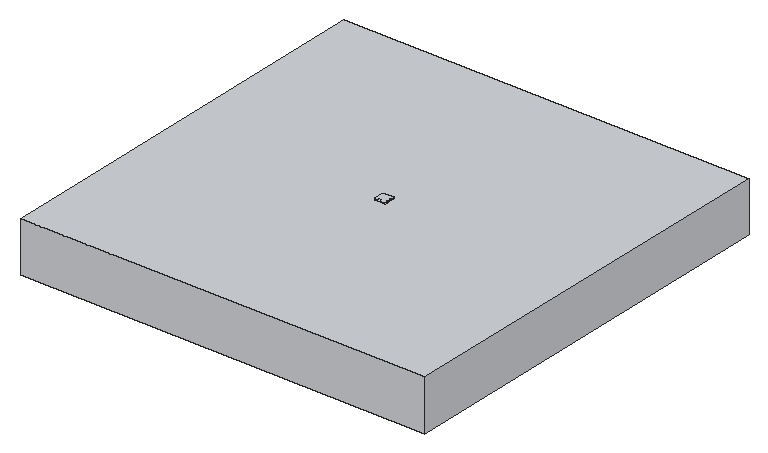
Revit family "Gira_057000", category Allgemeines Modell, Revit 2017
Family settings
  Basisbauteil = Fläche
  Kann Basisbauteil für Bewehrung sein = Nein
  Bemaßung runder Anschluss = Durchmesser verwenden
  Teiletyp = Normal
  Beim Laden mit Abzugskörper schneiden = Nein
  Gemeinsam genutzt = Nein
  Raumberechnungspunkt = Nein
Parameters (values of type "Busankoppler KNX Einsatz")
  Default Elevation = 1219.2 mm
  URL = "https://www.gira.de/"
  Typname = "Busankoppler KNX Einsatz"
  Type Comments = ""
  Produktseite = "https://media.stage.bim.site/t/eyJhbGciOiJIUzI1NiIsInR5cCI6IkpXVCJ9.eyJjdCI6MiwidHUiOiJodHRwOi8va2F0YWxvZy5naXJhLmRlL2RlX0RFL2RhdGVuYmxhdHQuaHRtbD9hcnRpa2VsbnI9MDU3MDAwIiwiY2lkIjoiMzI3N2NjMjMtODFhOS00ZWUzLWE5MGEtYjQ3YmI0YzBiNjE2IiwicmlkIjoiMTI1ZWUwODY5YzA0YzkxMTk2NjdkNzFmZTkyYWNjMWEiLCJwaWQiOiJiYzNlNTQ0NThjN2E5MDQ2MWE2OGM4ZjAwZmFkNjBlZDA4NTg0NDQ5Iiwic2lkIjoiNjM0NzAiLCJ1dCI6MSwibGMiOiJkZSIsImlhdCI6MTYwMDk0MDYxNSwiaXNzIjoiaHR0cHM6Ly9hcGkubGl2ZS5iaW0uc2l0ZSIsInN1YiI6ImFkbWluQGJpbXNpdGUuZGV2In0.90lxgOjy-OP4mv4Qn64rg0ZEbAZEOpGCSdgqV1IBQf0"
  Montageart = "Unterputz"
  Model = ""
  Cost = 0
  Hersteller = "Gira"
  HeinzeBIM = "https://www.heinze.de/bim/busankoppler-knx-einsatz/bc3e54458c7a90461a68c8f00fad60ed08584449"
  HAN = "057000"
  GTIN = "4010337570004"
  Datenblatt 1 = "https://media.stage.bim.site/t/eyJhbGciOiJIUzI1NiIsInR5cCI6IkpXVCJ9.eyJjdCI6MSwidGYiOiJwdWJsaWMvZ2lyYS9hZThjNTU3LzA1NzAwMC50eHQiLCJjaWQiOiIzMjc3Y2MyMy04MWE5LTRlZTMtYTkwYS1iNDdiYjRjMGI2MTYiLCJyaWQiOiIxMjVlZTA4NjljMDRjOTExOTY2N2Q3MWZlOTJhY2MxYSIsInBpZCI6ImJjM2U1NDQ1OGM3YTkwNDYxYTY4YzhmMDBmYWQ2MGVkMDg1ODQ0NDkiLCJzaWQiOiI2MzQ3MCIsInV0IjoxLCJsYyI6ImRlIiwiaWF0IjoxNjAwOTQwNjE1LCJpc3MiOiJodHRwczovL2FwaS5saXZlLmJpbS5zaXRlIiwic3ViIjoiYWRtaW5AYmltc2l0ZS5kZXYifQ.Zr5ihL-JuerA63giLX1-DZfbLXheqsqpfbxRJRiV2lw/057000.txt"
  Datenblatt = "https://media.stage.bim.site/t/eyJhbGciOiJIUzI1NiIsInR5cCI6IkpXVCJ9.eyJjdCI6MSwidHUiOiJodHRwczovL2thdGFsb2cuZ2lyYS5kZS9kZV9ERS9kb3dubG9hZC5odG1sP2FydGlrZWxucj0wNTcwMDAiLCJjaWQiOiIzMjc3Y2MyMy04MWE5LTRlZTMtYTkwYS1iNDdiYjRjMGI2MTYiLCJyaWQiOiIxMjVlZTA4NjljMDRjOTExOTY2N2Q3MWZlOTJhY2MxYSIsInBpZCI6ImJjM2U1NDQ1OGM3YTkwNDYxYTY4YzhmMDBmYWQ2MGVkMDg1ODQ0NDkiLCJzaWQiOiI2MzQ3MCIsInV0IjoxLCJsYyI6ImRlIiwiaWF0IjoxNjAwOTQwNjE1LCJpc3MiOiJodHRwczovL2FwaS5saXZlLmJpbS5zaXRlIiwic3ViIjoiYWRtaW5AYmltc2l0ZS5kZXYifQ.HKo0EGbTJE6szelQb0oTkBGyZGgA3K2x5XMumOuo0yk"
  Bussystem Powernet = no
  Bussystem LON = no
  Bussystem KNX-Funk = no
  Bussystem KNX = yes
  Bussystem Funkbus = no
  Beschreibung = "Einsatz KNX Busankoppler   Merkmale:  Der Busankoppler ist die Schnittstelle zwischen dem Bus und dem KNX Anwendungsmodul wie z. B. Info-Display, Datenschnittstelle RS232, Automatikschalter.  Die Busankopplung kann Telegramme empfangen, aussenden und auswerten.  Die Busankopplung enthält die Adressen, das Systemprogramm und auch anwenderspezifische Programme.  Freigabe der Programmierung der physikalischen Adresse durch Betätigen der Programmiertaste.  Zustandsanzeige durch rote Programmier-LED.  Hinweise :  Nur für Gerätedose mit Schraubbefestigung geeignet."
  Befestigungsart = "Krallen-/Schraubbefestigung"
  Assembly Code = ""
  Keynote = ""
  BIMSITE_PRODUCT_ID = "bc3e54458c7a90461a68c8f00fad60ed08584449"
  BIM = "https://media.stage.bim.site/t/eyJhbGciOiJIUzI1NiIsInR5cCI6IkpXVCJ9.eyJjdCI6MSwidGYiOiJwdWJsaWMvZ2lyYS9hZThjNTU3L0VpbnNhdHpfMWZhY2gucmZhIiwiY2lkIjoiMzI3N2NjMjMtODFhOS00ZWUzLWE5MGEtYjQ3YmI0YzBiNjE2IiwicmlkIjoiMTI1ZWUwODY5YzA0YzkxMTk2NjdkNzFmZTkyYWNjMWEiLCJwaWQiOiJiYzNlNTQ0NThjN2E5MDQ2MWE2OGM4ZjAwZmFkNjBlZDA4NTg0NDQ5Iiwic2lkIjoiNjM0NzAiLCJ1dCI6NSwibGMiOiJkZSIsImlhdCI6MTYwMDk0MDYxNSwiaXNzIjoiaHR0cHM6Ly9hcGkubGl2ZS5iaW0uc2l0ZSIsInN1YiI6ImFkbWluQGJpbXNpdGUuZGV2In0.Rw2npfX32yHnwoO9thoJ-KqdGw14XtwIve1ic1lU4eY/Einsatz_1fach.rfa"
  Andere Bussysteme = "ohne"
Reference planes
  plane 1 "Center (Front/Back)": y = 0
  plane 2: z = 0
  plane 3 "Center (Left/Right)": x = 0
Forms (mm)
  Extrusion 1, solid
    sketch origin (0, 0, 0) x (1, 0, 0) y (0, 1, 0)
      loop
        line (-1219.2, 1219.2) -> (-1219.2, -1219.2) -> (1219.2, -1219.2) -> (1219.2, 1219.2) -> (-1219.2, 1219.2)
    from 0 to -304.8
  Extrusion 2, solid, detail levels fine
    sketch origin (0, 0, 0) x (1, 0, 0) y (0, 1, 0)
      loop
        line (27.475, 35.475) -> (-27.475, 35.475)
        arc (-27.475, 35.475) -> (-33.132, 33.132) -> (-35.475, 27.475) r 8
        line (-35.475, 27.475) -> (-35.475, -27.475)
        arc (-35.475, -27.475) -> (-33.132, -33.132) -> (-27.475, -35.475) r 8
        line (-27.475, -35.475) -> (27.475, -35.475)
        arc (27.475, -35.475) -> (33.132, -33.132) -> (35.475, -27.475) r 8
        line (35.475, -27.475) -> (35.475, 27.475)
        arc (35.475, 27.475) -> (33.132, 33.132) -> (27.475, 35.475) r 8
    from 0 to 1.8
  Extrusion 3, solid, detail levels fine
    sketch origin (0, 0, 0) x (1, 0, 0) y (0, 1, 0)
      loop
        line (9.678, 25.4) -> (-9.678, 25.4)
        arc (-9.678, 25.4) -> (-12.885, 24.922) -> (-15.814, 23.53) r 11
        arc (-15.814, 23.53) -> (-17.795, 22.07) -> (-19.641, 20.444) r 28.35
        arc (-19.641, 20.444) -> (-21.339, 18.665) -> (-22.876, 16.745) r 28.35
        arc (-22.876, 16.745) -> (-24.456, 13.666) -> (-25, 10.248) r 11
        line (-25, 10.248) -> (-25, -10.248)
        arc (-25, -10.248) -> (-24.456, -13.666) -> (-22.876, -16.745) r 11
        arc (-22.876, -16.745) -> (-20.409, -19.677) -> (-17.569, -22.25) r 28.35
        line (-17.569, -22.25) -> (17.569, -22.25)
        arc (17.569, -22.25) -> (20.409, -19.677) -> (22.876, -16.745) r 28.35
        arc (22.876, -16.745) -> (24.456, -13.666) -> (25, -10.248) r 11
        line (25, -10.248) -> (25, 10.248)
        arc (25, 10.248) -> (24.456, 13.666) -> (22.876, 16.745) r 11
        arc (22.876, 16.745) -> (21.593, 18.37) -> (20.195, 19.897) r 28.35
        arc (20.195, 19.897) -> (18.096, 21.823) -> (15.814, 23.53) r 28.35
        arc (15.814, 23.53) -> (12.885, 24.922) -> (9.678, 25.4) r 11
    from 0 to -22
  Extrusion 4, solid, detail levels medium
    sketch origin (0, 0, 0) x (1, 0, 0) y (0, 1, 0)
      loop
        line (-25, 25.4) -> (-25, -22.25) -> (25, -22.25) -> (25, 25.4) -> (-25, 25.4)
    from 0 to -22
  Extrusion 5, solid, detail levels coarse
    sketch origin (0, 0, 0) x (1, 0, 0) y (0, 1, 0)
      loop
        line (35.475, 35.475) -> (-35.475, 35.475) -> (-35.475, -35.475) -> (35.475, -35.475) -> (35.475, 35.475)
    from -22 to 1.8
  Extrusion 6, solid, detail levels medium
    sketch origin (0, 0, 0) x (1, 0, 0) y (0, 1, 0)
      loop
        line (35.475, 35.475) -> (-35.475, 35.475) -> (-35.475, -35.475) -> (35.475, -35.475) -> (35.475, 35.475)
    from 0 to 1.8
Dimensions and locks
  aligned and locked: plane 2 to Extrusion 1
  aligned and locked: level to Extrusion 1
Connectors
  electrical at (0, 0, -22)
    settings: on Extrusion 5, index 1, voltage 220 V, apparent load 0 VA, apparent load phase1 0 VA, apparent load phase2 0 VA, apparent load phase3 0 VA, power factor 1, load classification "Other", number of poles 1, system type 30, power factor state 1, is connector primary yes, connector utility no, sub classification motor no, connector description ""
